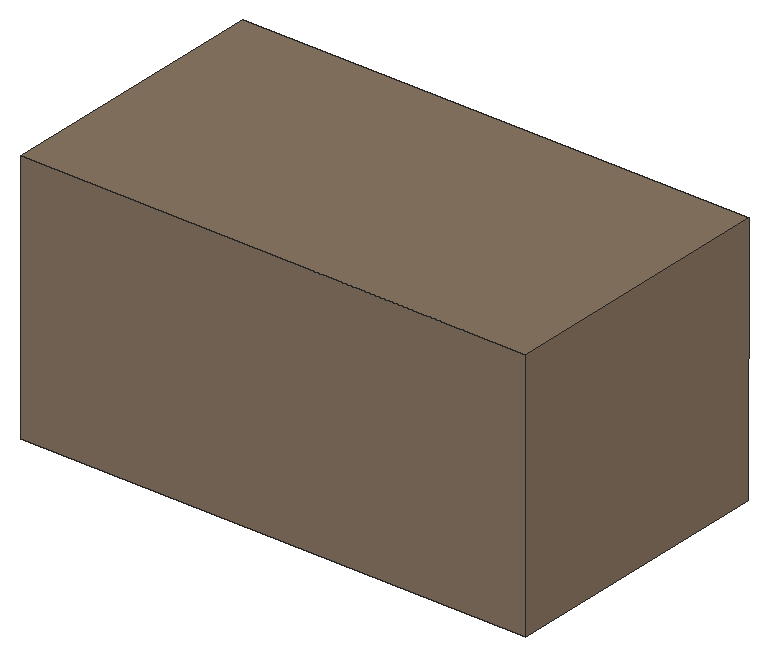
Revit family
Parameters
  URL = "http://www.martinbrattrud.com"
  Table [instance] = none
  SCS Certified Product = "Yes"
  Model = "Bristol 249-02L"
  Manufacturer = "Martin Brattrud, Inc."
  Keynote = "125000"
  Copyright = "© 2013 Martin Brattrud, Inc."
  Authoring Version = "Revit Architecture 2010"
  Assembly Code = "E2020200"
Reference planes (in)
  plane 1 "Center Front/Back": y = 0
  plane 2: z = 0
  plane 3 "Center Left/Right": x = 0
Forms (in)
  Extrusion 1, solid, material <- "Table"
    sketch origin (0, 0, 0) x (1, 0, 0) y (0, 1, 0)
      loop
        line (-12.75, 7) -> (-12.75, -7) -> (12.75, -7) -> (12.75, 7) -> (-12.75, 7)
    from 4.25 to 17
